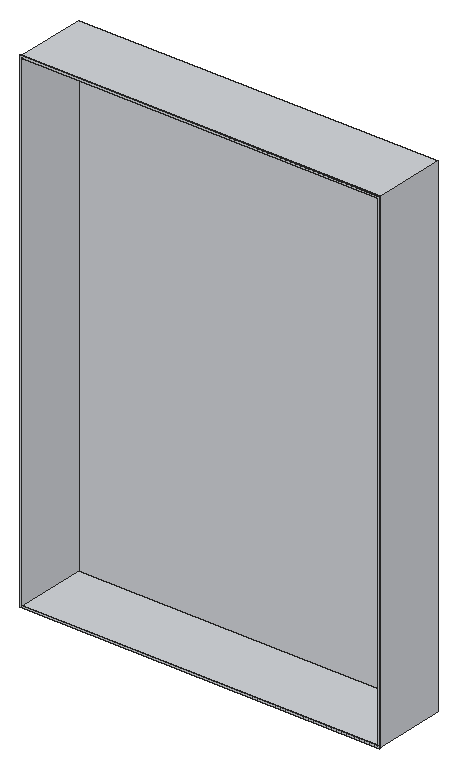
Revit family "Univers-IP44-empty-Recessed_mounted-NoHosted-CH-en", category Electrical Equipment, Revit 2020
Family settings
  Panel Configuration = Two Columns, Circuits Across
  Round Connector Dimension = Use Diameter
  Part Type = Panelboard
  Work Plane-Based = Yes
  Always vertical = Yes
  Cut with Voids When Loaded = No
  Shared = No
  Room Calculation Point = No
Parameters (values of type "Recessed mounted IP44 W800 H1100 D161 0 Modular spacings - FWB73D1")
  Width Control [instance] = if([HG000006 - Flush mounted], if([EF000846 - Built-in width] > min_whd, [EF000846 - Built-in width], min_whd), if([EF000008 - Width] > min_whd, ([EF000008 - Width]), min_whd))  # 800 mm
  Void Depth [instance] = if([EF000218 - Built-in depth] > 1 mm, [EF000218 - Built-in depth], 1 mm)  # 161 mm
  Type Comments = [HG000003 - Range]  # "Univers"
  System Height [instance] = Height Control - 2 * [HG000005 - Thickness]  # 1094 mm
  Panel Name [instance] = ""  # (empty or 0)
  Offset [instance] = 0 mm
  Model = [HG000004 - Manufacturer reference]  # "FWB73D1"
  Level Offset [instance] = [Flush Mounted - Door Frame Width] + Offset  # 0 mm
  HG000011 - Empty rows from bottom = no
  HG000005 - Thickness = 3 mm  # constant formula
  Description = ""
  Default Elevation = 1219.2 mm
  Arrow Offset [instance] = Depth Control / 8  # 20.125 mm
  Arrow Height [instance] = Depth Control - Arrow Offset  # 140.875 mm
  Host Offset [instance] = if([HG000006 - Flush mounted], 0 mm, [EF000049 - Depth])  # 0 mm
  min_whd [instance] = (2 * [HG000005 - Thickness]) + 1 mm  # 7 mm
  Manufacturer = "Hager"  # constant formula
  Height Control [instance] = if([HG000006 - Flush mounted], if([EF000332 - Built-in height] > min_whd, [EF000332 - Built-in height], min_whd), if([EF000040 - Height] > min_whd, ([EF000040 - Height]), min_whd))  # 1100 mm
  HG000010 - Asymmetric doors = no
  HG000009 - Double swing door = no
  HG000008 - Number of empty rows = 0
  HG000007 - Number of empty columns = 0
  HG000006 - Flush mounted = yes
  HG000004 - Manufacturer reference = "FWB73D1"
  HG000003 - Range = "Univers"
  HG000002 - With door or cover = no
  HG000001 - Number of columns = 0
  Flush Mounted - Door Frame Width [instance] = if(([EF000040 - Height] - [EF000332 - Built-in height]) > 0 mm, if([HG000006 - Flush mounted], [EF000040 - Height] - [EF000332 - Built-in height], 0 mm), 0 mm)  # 0 mm
  EF015941 - Signal passing door = no
  EF015777 - Neutral terminal block = no
  EF015776 - Earthing terminal block = no
  EF009212 - Cover model = "EV009916 - With notch"
  EF006306 - With lock = no
  EF006244 - Transparent cover/door = no
  EF005474 - Degree of protection (IP) = "EV006418 - IP44"
  EF004462 - Type of closure = "EV000154 - Other"
  EF002950 - Width in number of modular spacings = 0
  EF001596 - Material housing = "EV000179 - Steel"
  EF001134 - DIN-rail = no
  EF001131 - Internal depth = 160 mm
  EF001088 - Extension possible = no
  EF001062 - EMC-version = no
  EF000846 - Built-in width = 800 mm
  EF000339 - Type of cover = "EV000494 - None"
  EF000332 - Built-in height = 1100 mm
  EF000266 - Number of rows = 0
  EF000218 - Built-in depth = 161 mm
  EF000118 - With mounting plate = no
  EF000116 - RAL-number = "9010"
  EF000049 - Depth = 161 mm
  EF000040 - Height = 1100 mm
  EF000008 - Width = 800 mm
  EF000007 - Colour = "EV000202 - White"
  EF000003 - Mounting method = "EV001247 - Surface mounted/recessed mounted"
  Door_Right [instance] = yes
  Door_Left [instance] = not(Door_Right)  # no
  Door Swing Angle [instance] = 45.00°
  Door 3d Visibility [instance] = yes
  Depth Control [instance] = if([HG000006 - Flush mounted], if([EF000218 - Built-in depth] > 0 mm, [EF000218 - Built-in depth], 1 mm), if([EF000049 - Depth] > 0 mm, ([EF000049 - Depth]), 1 mm))  # 161 mm
  Clearance Visibility [instance] = no
Reference planes
  plane 1 "Center (Front/Back)": y = 0
  plane 2: z = 0
  plane 3 "Center (Left/Right)": x = 0
  plane 4: y = 3
  plane 5: y = 161
  plane 6: y = 0
  plane 7: z = 0
  plane 8: x = -400
  plane 9: x = 400
  plane 10: x = 397
  plane 11: x = -397
  plane 12: z = 0
  plane 13: z = 3
  plane 14: y = 5
  plane 15: y = 0
  plane 16: y = 158
  plane 17: z = 1097
  plane 18: z = 1100
  plane 19: z = 550
  plane 20: x = 2000
  plane 21: x = 0
  plane 22: y = -2100
  plane 23: y = -100
Forms (mm)
  Extrusion 1, solid
    sketch origin (-208.679, -4572, 0) x (-1, 0, 0) y (0, -1, 0)
      loop
        line (191.321, -4572) -> (-608.679, -4572) -> (-608.679, -4733) -> (191.321, -4733) -> (191.321, -4572)
    from 0 to 1100 <- "Height Control"
  Extrusion 2, void
    sketch origin (-350.771, 0, 1219.2) x (1, 0, 0) y (0, 0, 1)
      loop
        line (-46.229, -122.2) -> (-46.229, -1216.2) -> (747.771, -1216.2) -> (747.771, -122.2) -> (-46.229, -122.2)
    from 0 to -158
  Extrusion 3, solid, detail levels coarse
    sketch origin (-350.771, 0, 1219.2) x (-1, 0, 0) y (0, 0, 1)
      loop
        line (46.229, -122.2) -> (-747.771, -122.2) -> (-747.771, -1216.2) -> (46.229, -1216.2) -> (46.229, -122.2)
    from 0 to 3 <- "HG000005 - Thickness"
Cuts and joins
  Extrusion 2 cuts Extrusion 1
Dimensions and locks
  "Flush Mounted - Door Frame Width": plane 1 "Center (Front/Back)" to plane 6
  "HG000005 - Thickness": plane 4 to plane 6
  "HG000005 - Thickness": plane 8 to plane 11
  "HG000005 - Thickness": plane 9 to plane 10
  equal spacing: plane 8, plane 3 "Center (Left/Right)", plane 9
  "Width Control": plane 8 to plane 9
  locked: plane 14 to plane 15 at 5
  "Host Offset": plane 1 "Center (Front/Back)" to plane 15
  "Depth Control": plane 5 to plane 15
  "HG000005 - Thickness": plane 5 to plane 16
  "HG000005 - Thickness": plane 13 to plane 12
  "Level Offset": plane 12 to level
  "HG000005 - Thickness": plane 18 to plane 17
  "Height Control": plane 18 to plane 12
  "Arrow Offset": plane 5 to nested 4
  equal spacing: plane 18, plane 19, plane 12
  locked: connector elem to plane 19
  locked: connector elem to plane 3 "Center (Left/Right)"
  locked: plane 3 "Center (Left/Right)" to plane 20 at 2000
  locked: plane 21 to plane 20 at 2000
  locked: plane 23 to plane 22 at 2000
  aligned and locked: nested 1 to plane 14
  aligned and locked: plane 3 "Center (Left/Right)" to nested 1
  aligned and locked: plane 3 "Center (Left/Right)" to nested 2
  aligned and locked: nested 2 to plane 15
  aligned and locked: Extrusion 1 to plane 5
  aligned and locked: Extrusion 3 sketch curve to plane 17
  aligned and locked: Extrusion 3 sketch curve to plane 11
  aligned and locked: Extrusion 3 sketch curve to plane 13
  aligned and locked: Extrusion 3 sketch curve to plane 10
  aligned and locked: Extrusion 2 sketch curve to plane 13
  aligned and locked: Extrusion 2 sketch curve to plane 10
  aligned and locked: Extrusion 2 sketch curve to plane 17
  aligned and locked: Extrusion 2 sketch curve to plane 11
  aligned and locked: plane 16 to Extrusion 2
  aligned and locked: Extrusion 1 sketch curve to plane 5
  aligned and locked: plane 9 to Extrusion 1 sketch curve
  aligned and locked: plane 8 to Extrusion 1 sketch curve
  aligned and locked: plane 8 to nested 4
  aligned and locked: nested 3 to plane 8
  aligned and locked: nested 3 to plane 5
  aligned and locked: Extrusion 1 sketch curve to plane 15
  aligned and locked: Extrusion 2 to plane 15
Nested families
  nested 1: "Hager_Enclosure_System" at (0, 5, 3), No_Columns <- "HG000001 - Number of columns", Flush_Mounted <- "HG000006 - Flush mounted", Width <- "EF000008 - Width", Height <- "System Height", Width_Control <- "Width Control", Row_Module_Multiplicator <- "EF002950 - Width in number of modular spacings", Empty_Columns <- "HG000007 - Number of empty columns", No_Rows <- "EF000266 - Number of rows", Built-in_Width <- "EF000846 - Built-in width", Border <- "HG000005 - Thickness", Total_No_Empty_Rows <- "HG000008 - Number of empty rows", Depth <- "HG000005 - Thickness", Empty_Rows_From_Bottom <- "HG000011 - Empty rows from bottom", type "Hager_Enclosure_System", detail levels medium+fine
    with Width_Control 800 mm, Width 800 mm, Total_No_Rows 0, Total_No_Empty_Rows 0, Total_No_Columns 1, System_Width 794 mm, Rows_Column 0, Row_Module_Multiplicator 0, Panel_4 no, Panel_3 no, Panel_2 no, Panel_1 no, No_Rows 0, No_Panels_Ctrl 1, No_Columns 0, Hide_Columns yes, Height 1094 mm, Flush_Mounted yes, Empty_Rows_From_Bottom no, Empty_Rows_Column 0, Empty_Columns 0, Depth 3 mm, Column_Width 794 mm, Built-in_Width 800 mm, Border 3 mm
  nested 2: "Hager_Enclosure_Door" at (0, 0, 0), Double <- "HG000009 - Double swing door", Height_Ctrl <- "Height Control", Transparent <- "EF006244 - Transparent cover/door", Depth <- "EF000049 - Depth", Height <- "EF000040 - Height", Angle <- "Door Swing Angle", Door_Right <- "Door_Right", Assymetrical <- "HG000010 - Asymmetric doors", Flush_Mounted <- "HG000006 - Flush mounted", BuiltIn_Depth <- "EF000218 - Built-in depth", BuiltIn_Width <- "EF000846 - Built-in width", Door <- "HG000002 - With door or cover", Width_Ctrl <- "Width Control", 3d_Door <- "Door 3d Visibility", Width <- "EF000008 - Width", Border <- "HG000005 - Thickness", BuiltIn_Height <- "EF000332 - Built-in height", Clearance <- "Clearance Visibility", Door_Left <- "Door_Left", type "Hager_Enclosure_Door", detail levels medium+fine
    with min_wh 7 mm, Width_Ctrl 800 mm, Width 800 mm, Transparent no, Leaf_Width 791 mm, Leaf_Tolerance 1.5 mm, Leaf_Height 1091 mm, Leaf_2_Width 791 mm, Leaf_2_Offset 395.5 mm, Leaf_1_Width 791 mm, Leaf_1_Offset 395.5 mm, Height_Ctrl 1100 mm, Height 1100 mm, Frame_Width_Ctrl 1 mm, Frame_Width 0 mm, Frame_Internal_Offset 3 mm, Frame_Height_Ctrl 1 mm, Frame_Height 0 mm, Frame_Depth_Ctrl 1 mm, Frame_Depth 0 mm, Flush_Mounted yes, Double_Clearance_Ctrl no, Double no, Door_Right_Ctrl no, Door_Right yes, Door_Left_Ctrl no, Door_Left no, Door no, Depth 161 mm, Clearance_Depth 791 mm, Clearance_Ctrl no, Clearance no, BuiltIn_Width 800 mm, BuiltIn_Height 1100 mm, BuiltIn_Depth 161 mm, Border 3 mm, Assymetrical no, Angle 45.00°, 3d_Door yes
  nested 3: "Hager_Enclosure_Symbol_Triangle" at (-400, 161, 0), Depth <- "Depth Control", Width <- "Width Control", type "Hager_Enclosure_Symbol_Triangle"
    with Width_Ctrl 800 mm, Width 800 mm, Depth_Ctrl 161 mm, Depth 161 mm
  nested 4: "Hager_Enclosure_Symbol_Arrow" at (-400, 140.875, 0), Height <- "Arrow Height", type "Hager_Enclosure_Symbol_Arrow"
    with Width_Inside 10.566 mm, Width 126.788 mm, Height_Ctrl 140.875 mm, Height 140.875 mm
Connectors
  electrical at (0, 161, 550)
    settings: on plane 5, index 1, voltage 0 V, apparent load 0 VA, apparent load phase1 0 VA, apparent load phase2 0 VA, apparent load phase3 0 VA, power factor 1, load classification "Other", number of poles 1, system type 30, power factor state 1, is connector primary yes, connector utility no, sub classification motor no, connector description ""
Definition of nested family "Hager_Enclosure_Door"
  Parameters (values of type "Hager_Enclosure_Door")
    min_wh [instance] = (2 * Border) + 1 mm  # 11 mm
    Width_Ctrl [instance] = 400 mm
    Width [instance] = 500 mm
    Transparent [instance] = yes
    Leaf_Width [instance] = if((Width_Ctrl - 2 * Border - 2 * Leaf_Tolerance) > 0 mm, (Width_Ctrl - 2 * Border - 2 * Leaf_Tolerance), min_wh)  # 387 mm
    Leaf_Tolerance [instance] = 1.5 mm  # constant formula
    Leaf_Height [instance] = if((Height_Ctrl - 2 * Border - 2 * Leaf_Tolerance) > 0 mm, (Height_Ctrl - 2 * Border - 2 * Leaf_Tolerance), min_wh)  # 387 mm
    Leaf_2_Width [instance] = if(and(and(Double, Assymetrical), Door_Left), (Leaf_Width / 3) - (Leaf_Tolerance / 2), if(and(and(Double, Assymetrical), Door_Right), (Leaf_Width / 3) * 2 - (Leaf_Tolerance / 2), if(and(Double, not(Assymetrical)), (Leaf_Width / 2) - Leaf_Tolerance, Leaf_Width)))  # 192 mm
    Leaf_2_Offset [instance] = if(and(Double, Assymetrical), Leaf_2_Width / 2, if(and(Double, not(Assymetrical)), Leaf_Width / 4, Leaf_Width / 2))  # 96.75 mm
    Leaf_1_Width [instance] = if(and(and(Double, Assymetrical), Door_Right), (Leaf_Width / 3) - (Leaf_Tolerance / 2), if(and(and(Double, Assymetrical), Door_Left), (Width / 3) * 2 - (Leaf_Tolerance / 2), if(and(Double, not(Assymetrical)), (Leaf_Width / 2) - Leaf_Tolerance, Leaf_Width)))  # 192 mm
    Leaf_1_Offset [instance] = if(and(Double, Assymetrical), Leaf_1_Width / 2, if(and(Double, not(Assymetrical)), Leaf_Width / 4, Leaf_Width / 2))  # 96.75 mm
    Height_Ctrl [instance] = 400 mm
    Height [instance] = 500 mm
    Frame_Width_Ctrl [instance] = if(Frame_Width > 0 mm, Frame_Width, 1 mm)  # 1 mm
    Frame_Width [instance] = Width - BuiltIn_Width  # 0 mm
    Frame_Internal_Offset [instance] = if(Flush_Mounted, Border, 0 mm)  # 0 mm
    Frame_Height_Ctrl [instance] = if(Frame_Height > 0 mm, Frame_Height, 1 mm)  # 1 mm
    Frame_Height [instance] = Height - BuiltIn_Height  # 0 mm
    Frame_Depth_Ctrl [instance] = if(Frame_Depth > 0 mm, Frame_Depth, 1 mm)  # 1 mm
    Frame_Depth [instance] = if(Depth - BuiltIn_Depth > 0 mm, if(Flush_Mounted, Depth - BuiltIn_Depth, 0 mm), 0 mm)  # 0 mm
    Flush_Mounted [instance] = no
    Double_Clearance_Ctrl [instance] = and(Double, Clearance)  # yes
    Double [instance] = yes
    Door_Right_Ctrl [instance] = and(or(Door_Right, Double), Door)  # yes
    Door_Right [instance] = yes
    Door_Left_Ctrl [instance] = and(or(Door_Left, Double), Door)  # yes
    Door_Left [instance] = no
    Door [instance] = yes
    Depth [instance] = 500 mm
    Default Elevation = 1219.2 mm
    Clearance_Material = none
    Clearance_Depth [instance] = if(Leaf_1_Width > Leaf_2_Width, Leaf_1_Width, Leaf_2_Width)  # 192 mm
    Clearance_Ctrl [instance] = and(not(Double), Clearance)  # no
    Clearance [instance] = yes
    BuiltIn_Width [instance] = 500 mm
    BuiltIn_Height [instance] = 500 mm
    BuiltIn_Depth [instance] = 500 mm
    Border [instance] = 5 mm
    Assymetrical [instance] = no
    Angle [instance] = 65.00°
    3d_Door [instance] = yes
  Reference planes
    plane 1 "Center (Front/Back)": y = 0
    plane 2 "Bottom": z = 0
    plane 3 "Center (Left/Right)": x = 0
    plane 4: z = 400
    plane 5: x = -200
    plane 6: x = 200
    plane 7: z = 395
    plane 8: x = -195
    plane 9: z = 5
    plane 10: x = 195
    plane 11: y = 0
    plane 12: z = 6.5
    plane 13: x = -387
    plane 14: y = -192
    plane 15: x = 387
    plane 16: x = -96.75
    plane 17: x = 96.75
    plane 18: x = -193.5
    plane 19: x = 193.5
    plane 20: z = 393.5
  Forms (mm)
    Extrusion 1, solid, visible <- "Flush_Mounted"
      sketch origin (0, 0, 0) x (1, 0, 0) y (0, 0, 1)
        loop
          line (200, 0) -> (200, 400) -> (-200, 400) -> (-200, 0) -> (200, 0)
        loop
          line (-201, 401) -> (-201, -1) -> (201, -1) -> (201, 401) -> (-201, 401)
      from 0 to 1 <- "Frame_Depth_Ctrl"
    Extrusion 2, solid, material <- "Clearance_Material", visible <- "Double_Clearance_Ctrl"
      sketch origin (1200, 0, 0) x (1, 0, 0) y (0, 0, -1)
        loop
          line (-1587, -393.5) -> (-813, -393.5) -> (-813, 0) -> (-1587, 0) -> (-1587, -393.5)
      from 0 to -192
  Dimensions and locks
    equal spacing: plane 5, plane 3 "Center (Left/Right)", plane 6
    "Width_Ctrl": plane 5 to plane 6
    "Border": plane 5 to plane 8
    "Border": plane 6 to plane 10
    "Border": plane 9 to level
    "Border": plane 4 to plane 7
    "Height_Ctrl": plane 4 to level
    "Leaf_Tolerance": plane 12 to plane 9
    "Frame_Depth": plane 11 to plane 1 "Center (Front/Back)"
    "Frame_Width_Ctrl": plane 5 to Extrusion 1 sketch curve
    "Frame_Width_Ctrl": plane 6 to Extrusion 1 sketch curve
    "Frame_Width_Ctrl": Extrusion 1 sketch curve to plane 4
    "Frame_Width_Ctrl": plane 2 "Bottom" to Extrusion 1 sketch curve
    "Leaf_1_Offset": plane 18 to plane 16
    "Leaf_2_Offset": plane 17 to plane 19
    "Leaf_1_Width": plane 13 to plane 8
    "Leaf_2_Width": plane 10 to plane 15
    "Clearance_Depth": plane 14 to plane 1 "Center (Front/Back)"
    "Leaf_Tolerance": plane 8 to plane 18
    "Leaf_Tolerance": plane 19 to plane 10
    "Leaf_Tolerance": plane 7 to plane 20
    "Frame_Internal_Offset": plane 5 to Extrusion 1 sketch curve
    "Frame_Internal_Offset": Extrusion 1 sketch curve to plane 2 "Bottom"
    "Frame_Internal_Offset": plane 6 to Extrusion 1 sketch curve
    "Frame_Internal_Offset": plane 4 to Extrusion 1 sketch curve
    aligned and locked: level to plane 2 "Bottom"
    aligned and locked: nested 1 to plane 16
    aligned and locked: nested 2 to plane 17
    aligned and locked: Extrusion 2 to plane 13
    aligned and locked: plane 15 to Extrusion 2
    aligned and locked: Extrusion 2 to plane 14
    aligned and locked: plane 12 to nested 1
    aligned and locked: nested 2 to plane 12
    aligned and locked: Extrusion 2 to plane 11
    aligned and locked: plane 20 to Extrusion 2
    aligned and locked: nested 2 to plane 11
    aligned and locked: nested 1 to plane 11
  Automatic sketch dimensions
    Extrusion 2 sketch curve to level = 0 mm
    plane 5 to Extrusion 2 sketch curve = 187 mm
    plane 6 to Extrusion 2 sketch curve = 187 mm
    Extrusion 2 sketch curve to plane 4 = 6.5 mm
  Nested families
    nested 1: "Hager_Enclosure_Door_Leaf" at (-96.75, 0, 6.5), Width <- "Leaf_1_Width", visible <- "Door_Left_Ctrl", Leaf_Height <- "Leaf_Height", Angle <- "Angle", Depth <- "Border", 3d_Door <- "3d_Door", Transparent <- "Transparent", Clearance Material <- "Clearance_Material", Clearance <- "Clearance_Ctrl", type "Hager_Enclosure_Door_Leaf"
      with Width 192 mm, Transparent_Door_Border 25 mm, Transparent_Ctrl yes, Transparent yes, Standard no, Leaf_Height 387 mm, Glass_Offset 1 mm, Depth 5 mm, Clearance Material none, Clearance no, Angle_Ctrl 65.00°, Angle 65.00°, 3d_Door yes
    nested 2: "Hager_Enclosure_Door_Leaf" at (96.75, 0, 6.5) x (-1, 0, 0) z (0, 0, 1), Width <- "Leaf_2_Width", visible <- "Door_Right_Ctrl", Leaf_Height <- "Leaf_Height", Angle <- "Angle", Depth <- "Border", 3d_Door <- "3d_Door", Transparent <- "Transparent", Clearance Material <- "Clearance_Material", Clearance <- "Clearance_Ctrl", type "Hager_Enclosure_Door_Leaf"
      with Width 192 mm, Transparent_Door_Border 25 mm, Transparent_Ctrl yes, Transparent yes, Standard no, Leaf_Height 387 mm, Glass_Offset 1 mm, Depth 5 mm, Clearance Material none, Clearance no, Angle_Ctrl 65.00°, Angle 65.00°, 3d_Door yes
  Definition of nested family "Hager_Enclosure_Door_Leaf"
    Parameters (values of type "Hager_Enclosure_Door_Leaf")
      Width [instance] = 200 mm
      Transparent_Door_Border [instance] = 25 mm  # constant formula
      Transparent_Ctrl [instance] = and(Transparent, [3d_Door])  # yes
      Transparent [instance] = yes
      Standard [instance] = and(not(Transparent), [3d_Door])  # no
      Leaf_Height [instance] = 500 mm
      Glass_Offset [instance] = if((Depth - 10 mm) / 2 > 0 mm, (Depth - 10 mm) / 2, 1 mm)  # 1 mm
      Glass_Material = none
      Depth [instance] = 3 mm
      Default Elevation = 0 mm
      Clearance Material [instance] = none
      Clearance [instance] = no
      Angle_Ctrl [instance] = if(Angle > 170.00°, 170.00°, Angle)  # 163.00°
      Angle [instance] = 163.00°
      3d_Door [instance] = yes
    Reference planes
      plane 1 "Center (Front/Back)": y = 0
      plane 2: z = 0
      plane 3 "Center (Left/Right)": x = 0
      plane 4: y = 200
      plane 5: x = -100
      plane 6: x = 100
      plane 7: x = -300
      plane 8: z = 500
      plane 9: z = 25
      plane 10: z = 475
      plane 11: x = 75
      plane 12: x = -75
    Forms (mm)
      Extrusion 1, solid, material <- "Clearance Material", visible <- "Clearance"
        sketch origin (0, 0, 0) x (1, 0, 0) y (0, 0, 1)
          loop
            line (-300, 500) -> (-300, 0) -> (100, 0) -> (100, 500) -> (-300, 500)
        from 0 to -200
      Extrusion 2, solid, visible <- "Standard", detail levels fine
        sketch origin (-100, 0, 0) x (-0.956305, 0.292372, 0) y (-0.292372, -0.956305, 0)
          loop
            line (0, -3) -> (200, -3) -> (200, 0) -> (0, 0) -> (0, -3)
        from 0 to 500 <- "Leaf_Height"
      Extrusion 3, solid, visible <- "Transparent_Ctrl", detail levels fine
        sketch origin (-100, 0, 0) x (-0.956305, 0.292372, 0) y (-0.292372, -0.956305, 0)
          loop
            line (0, -3) -> (200, -3) -> (200, 0) -> (0, 0) -> (0, -3)
        from 0 to 500 <- "Leaf_Height"
      Extrusion 4, void, detail levels fine
        sketch origin (-100, 0, 0) x (-0.292372, -0.956305, 0) y (-0.956305, 0.292372, 0)
          loop
            line (0, 25) -> (0, 175) -> (-3, 175) -> (-3, 25) -> (0, 25)
        from -475 to -25
      Extrusion 5, solid, material <- "Glass_Material", visible <- "Transparent_Ctrl", detail levels fine
        sketch origin (-100, 0, 0) x (-0.956305, 0.292372, 0) y (-0.292372, -0.956305, 0)
          loop
            line (25, -1) -> (25, -2) -> (175, -2) -> (175, -1) -> (25, -1)
        from 25 to 475
    Cuts and joins
      Extrusion 4 cuts Extrusion 3
    Lines and regions (mm)
      symbolic lines
        curve 1: line (100, 0, 0) -> (-300, 0, 0)
        curve 2: arc (100, 0, 0) -> (-100, 200, 0) -> (-300, 0, 0) r 200
        curve 4: line (-100, 0, 0) -> (-291.261, 58.474, 0)
      reference lines
        curve 3: line (-100, 0, 0) -> (-291.261, 58.474, 0)
      symbolic lines, detail levels medium+fine
        curve 5: line (-291.261, 58.474, 0) -> (-290.384, 61.343, 0)
        curve 6: line (-290.384, 61.343, 0) -> (-99.123, 2.869, 0)
        curve 7: line (-99.123, 2.869, 0) -> (-100, 0, 0)
      symbolic lines, detail levels fine
        curve 8: line (-100, 0, 500) -> (100, 0, 500)
        curve 9: line (-100, 0, 0) -> (-100, 0, 500)
        curve 10: line (100, 0, 0) -> (-100, 0, 0)
        curve 11: line (100, 0, 500) -> (100, 0, 0)
      symbolic lines, visible <- "Transparent_Ctrl", detail levels fine
        curve 12: line (-75, 0, 475) -> (75, 0, 475)
        curve 13: line (-75, 0, 25) -> (-75, 0, 475)
        curve 14: line (75, 0, 25) -> (-75, 0, 25)
        curve 15: line (75, 0, 475) -> (75, 0, 25)
    Dimensions and locks
      "Width": plane 1 "Center (Front/Back)" to plane 4
      equal spacing: plane 5, plane 3 "Center (Left/Right)", plane 6
      "Width": plane 5 to plane 6
      "Width": plane 7 to plane 5
      "Leaf_Height": plane 8 to level
      "Depth": curve 6 to curve 3
      "Width": curve 5 to curve 3
      "Width": curve 3 to curve 3
      "Transparent_Door_Border": Extrusion 4 sketch curve to curve 7
      "Transparent_Door_Border": Extrusion 4 sketch curve to curve 5
      "Transparent_Door_Border": plane 8 to plane 10
      "Transparent_Door_Border": plane 9 to level
      "Glass_Offset": Extrusion 5 sketch curve to curve 4
      "Glass_Offset": Extrusion 5 sketch curve to curve 6
      "Transparent_Door_Border": Extrusion 5 sketch curve to curve 5
      "Transparent_Door_Border": Extrusion 5 sketch curve to curve 7
      "Transparent_Door_Border": plane 12 to plane 5
      "Transparent_Door_Border": plane 6 to plane 11
      "Angle_Ctrl": angle plane 1 "Center (Front/Back)" to curve 3
      aligned and locked: level to plane 2
      aligned and locked: Extrusion 1 to curve 1
      aligned and locked: plane 6 to Extrusion 1
      aligned and locked: plane 1 "Center (Front/Back)" to Extrusion 1
      aligned and locked: plane 4 to Extrusion 1
      aligned and locked: plane 8 to Extrusion 1
      aligned and locked: curve 4 to curve 3
      aligned and locked: Extrusion 2 sketch curve to curve 7
      aligned and locked: Extrusion 2 sketch curve to curve 6
      aligned and locked: Extrusion 2 sketch curve to curve 5
      aligned and locked: Extrusion 2 sketch curve to curve 3
      aligned and locked: curve 7 to Extrusion 3 sketch curve
      aligned and locked: Extrusion 3 sketch curve to curve 4
      aligned and locked: Extrusion 3 sketch curve to curve 6
      aligned and locked: Extrusion 3 sketch curve to curve 5
      aligned and locked: curve 4 to Extrusion 4 sketch curve
      aligned and locked: curve 6 to Extrusion 4 sketch curve
      aligned and locked: Extrusion 4 to plane 9
      aligned and locked: Extrusion 4 to plane 10
      aligned and locked: Extrusion 5 to plane 9
      aligned and locked: Extrusion 5 to plane 10
      aligned and locked: curve 8 to plane 8
      aligned and locked: plane 5 to curve 9
      aligned and locked: plane 2 to curve 10
      aligned and locked: curve 11 to plane 6
      aligned and locked: plane 10 to curve 12
      aligned and locked: plane 12 to curve 13
      aligned and locked: plane 9 to curve 14
      aligned and locked: plane 11 to curve 15
    Automatic sketch dimensions
      plane 1 "Center (Front/Back)" to curve 2 = 0 mm
      curve 2 to plane 5 = 0 mm
      Extrusion 1 sketch curve to level = 0 mm
      Extrusion 1 sketch curve to plane 7 = 0 mm
      Extrusion 1 sketch curve to plane 6 = 0 mm
      Extrusion 1 sketch curve to plane 8 = 0 mm
      plane 1 "Center (Front/Back)" to curve 3 = 0 mm
      curve 3 to plane 5 = 0 mm
      curve 7 to curve 3 = 0 mm
Definition of nested family "Hager_Enclosure_Symbol_Triangle"
  Parameters (values of type "Hager_Enclosure_Symbol_Triangle")
    Width_Ctrl [instance] = if(Width > 1 mm, Width, 1 mm)  # 498 mm
    Width [instance] = 498 mm
    Depth_Ctrl [instance] = if(Depth > 1 mm, Depth, 1 mm)  # 72 mm
    Depth [instance] = 72 mm
  Reference planes
    plane 1 "Centre (avant/arrière)": y = 0
    plane 2: z = 0
    plane 3 "Centre (gauche/droite)": x = 0
  Lines and regions (mm)
    Filled region 1, type "Solid_Black", in view "Niveau de réf."
      outline origin (0, 0, 0) x (1, 0, 0) y (0, 1, 0)
        loop
          line (0, 0) -> (498, 0) -> (498, 72) -> (0, 0)
    reference lines, in view "Niveau de réf."
      curve 1: line (-206.153, 72, 0) -> (1083.258, 72, 0)
      curve 2: line (498, 405.456, 0) -> (498, -517.619, 0)
  Dimensions and locks
    "Depth_Ctrl": plane 1 "Centre (avant/arrière)" to curve 1
    "Width_Ctrl": plane 3 "Centre (gauche/droite)" to curve 2
    aligned and locked: curve 1 to Filled region 1 sketch curve
    aligned and locked: Filled region 1 sketch curve to plane 1 "Centre (avant/arrière)"
    aligned and locked: curve 2 to Filled region 1 sketch curve
    aligned and locked: plane 3 "Centre (gauche/droite)" to Filled region 1 sketch curve
    aligned and locked: plane 1 "Centre (avant/arrière)" to Filled region 1 sketch curve
  Automatic sketch dimensions
    curve 1 to plane 3 "Centre (gauche/droite)" = 206.153 mm
    curve 2 to curve 1 = 585.258 mm
    plane 1 "Centre (avant/arrière)" to curve 2 = 517.619 mm
    curve 2 to plane 1 "Centre (avant/arrière)" = 405.456 mm
Definition of nested family "Hager_Enclosure_Symbol_Arrow"
  Parameters (values of type "Hager_Enclosure_Symbol_Arrow")
    Width_Inside [instance] = if(Width / 12 > 2 mm, Width / 12, 2 mm)  # 4.987 mm
    Width [instance] = if(Height_Ctrl * 0.9 > 2 mm, Height_Ctrl * 0.9, 2 mm)  # 59.85 mm
    Height_Ctrl [instance] = if(Height > 2 mm, Height, 2 mm)  # 66.5 mm
    Height [instance] = 66.5 mm
  Reference planes
    plane 1 "Centre (avant/arrière)": y = 0
    plane 2: z = 0
    plane 3 "Centre (gauche/droite)": x = 0
    plane 4: x = 59.85
    plane 5: y = 28.263
    plane 6: y = 38.238
    plane 7: y = 66.5
    plane 8: x = 29.925
    plane 9: y = 33.25
  Lines and regions (mm)
    Filled region 1, type "Solid_Black", in view "Niveau de réf."
      outline origin (0, 0, 0) x (1, 0, 0) y (0, 1, 0)
        loop
          line (59.85, 66.5) -> (37.929, 52.827) -> (51.846, 41.935) -> (59.85, 66.5)
    detail lines, in view "Niveau de réf."
      curve 1: line (0, 0, 0) -> (29.925, 38.238, 0)
      curve 2: line (29.925, 38.238, 0) -> (29.925, 28.263, 0)
      curve 3: line (29.925, 28.263, 0) -> (59.85, 66.5, 0)
  Dimensions and locks
    "Width": plane 3 "Centre (gauche/droite)" to plane 4
    "Height_Ctrl": plane 7 to plane 1 "Centre (avant/arrière)"
    equal spacing: plane 3 "Centre (gauche/droite)", plane 8, plane 4
    equal spacing: plane 7, plane 9, plane 1 "Centre (avant/arrière)"
    equal spacing: plane 6, plane 9, plane 5
    "Width_Inside": plane 6 to plane 9
    equal spacing: curve 3, Filled region 1 sketch curve, Filled region 1 sketch curve
    angle Filled region 1 sketch curve to curve 3 = 20.00°
    angle curve 3 to Filled region 1 sketch curve = 20.00°
    locked: curve 3 to Filled region 1 sketch curve (angle 90.00°)
  Automatic sketch dimensions
    plane 1 "Centre (avant/arrière)" to curve 1 = 0 mm
    curve 1 to plane 3 "Centre (gauche/droite)" = 0 mm
    curve 2 to plane 6 = 0 mm
    curve 3 to plane 8 = 0 mm
    curve 3 to plane 4 = 0 mm
    curve 2 to plane 5 = 0 mm
    curve 3 to plane 7 = 0 mm
    Filled region 1 sketch curve to plane 4 = 0 mm
    Filled region 1 sketch curve to plane 7 = 0 mm
